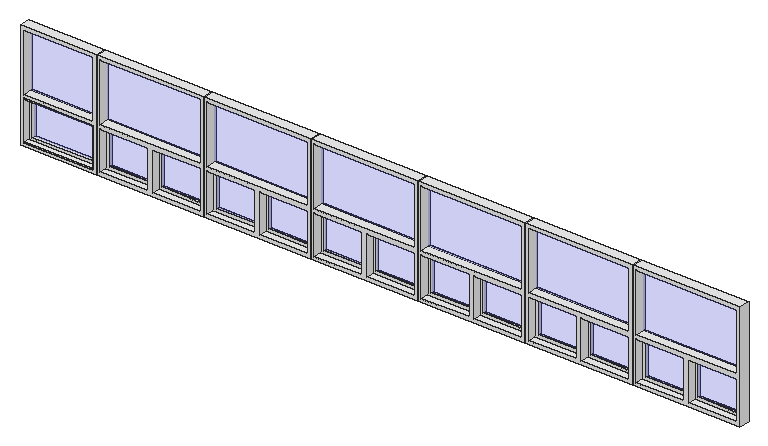
Revit family
Parameters
  창 두께 = 150 mm
  창 패널 = AW19 창 패널
  창 프레임 = AW19 창 프레임
  길이 1 = (Width - 1065 mm) / 6  # 1500 mm
  Height = 1500 mm
  절반 창 두께 = 창 두께 / 2  # 75 mm
  기본 씰 높이 = 900 mm
  Wall Closure = (empty or 0)
  Width = 10065 mm
Reference planes
  plane 1: y = 0
  plane 2 "중심(왼쪽/오른쪽)": x = 0
  plane 3 "왼쪽": x = -5032.5
  plane 4 "오른쪽": x = 5032.5
  plane 5 "씰": z = 900
  plane 6 "헤드": z = 2400
  plane 7 "외부": y = 100
  plane 8 "내부": y = -100
  plane 9: y = 75
  plane 10: y = -75
  plane 11: y = 35
  plane 12: x = -4987.5
  plane 13: x = 4987.5
  plane 14: x = -4977.5
  plane 15: x = 4977.5
  plane 16: z = 1500
  plane 17: z = 1490
  plane 18: z = 1545
  plane 19: y = 55
  plane 20: y = 66
  plane 21: y = 44
  plane 22: y = -11
  plane 23: y = 11
  plane 24: x = 3532.5
  plane 25: x = 3500
  plane 26: x = 3565
  plane 27: x = 3510
  plane 28: x = 3555
  plane 29: x = 4282.5
  plane 30: x = 4250
  plane 31: x = 4315
  plane 32: x = 4260
  plane 33: x = 4305
  plane 34: x = 4657.5
  plane 35: x = 3907.5
  plane 36: x = 2032.5
  plane 37: x = 2782.5
  plane 38: x = 2000
  plane 39: x = 2065
  plane 40: x = 2010
  plane 41: x = 2055
  plane 42: x = 2750
  plane 43: x = 2815
  plane 44: x = 2760
  plane 45: x = 2805
  plane 46: x = 3157.5
  plane 47: x = 2407.5
  plane 48: x = -3967.5
  plane 49: x = -2467.5
  plane 50: x = -967.5
  plane 51: x = 532.5
  plane 52: x = -3217.5
  plane 53: x = -1717.5
  plane 54: x = -217.5
  plane 55: x = 1282.5
  plane 56: x = -4000
  plane 57: x = -3935
  plane 58: x = -3990
  plane 59: x = -3945
  plane 60: x = -3250
  plane 61: x = -3185
  plane 62: x = -3240
  plane 63: x = -3195
  plane 64: x = -2500
  plane 65: x = -2435
  plane 66: x = -2490
  plane 67: x = -2445
  plane 68: x = -1685
  plane 69: x = -1750
  plane 70: x = -1740
  plane 71: x = -1695
  plane 72: x = -1000
  plane 73: x = -935
  plane 74: x = -990
  plane 75: x = -945
  plane 76: x = -250
  plane 77: x = -185
  plane 78: x = -240
  plane 79: x = -195
  plane 80: x = 500
  plane 81: x = 565
  plane 82: x = 510
  plane 83: x = 555
  plane 84: x = 1250
  plane 85: x = 1315
  plane 86: x = 1260
  plane 87: x = 1305
  plane 88: x = 1657.5
  plane 89: x = 907.5
  plane 90: x = 157.5
  plane 91: x = -592.5
  plane 92: x = -1342.5
  plane 93: x = -2092.5
  plane 94: x = -2842.5
  plane 95: x = -3592.5
  plane 96: x = -4500
Lines and regions (mm)
  symbolic lines, style "입면도 스윙"
    curve 1: line (22.5, 75, 945) -> (-32.5, 75, 945)
  symbolic lines
    curve 2: line (-5032.5, 100, 0) -> (-5032.5, -100, 0)
    curve 3: line (5032.5, 100, 0) -> (5032.5, -100, 0)
    curve 4: line (-5032.5, 75, 0) -> (5032.5, 75, 0)
    curve 5: line (-5032.5, -75, 0) -> (5032.5, -75, 0)
    curve 6: line (-5032.5, 0, 0) -> (-4012.5, 0, 0)
    curve 7: line (-4012.5, 75, 0) -> (-4012.5, -75, 0)
    curve 8: line (-3922.5, 75, 0) -> (-3922.5, -75, 0)
    curve 9: line (-3922.5, 0, 0) -> (-2512.5, 0, 0)
    curve 10: line (-2512.5, 75, 0) -> (-2512.5, -75, 0)
    curve 11: line (-2422.5, 75, 0) -> (-2422.5, -75, 0)
    curve 12: line (-2422.5, 0, 0) -> (-1012.5, 0, 0)
    curve 13: line (-1012.5, 75, 0) -> (-1012.5, -75, 0)
    curve 14: line (-922.5, 75, 0) -> (-922.5, -75, 0)
    curve 15: line (-922.5, 0, 0) -> (487.5, 0, 0)
    curve 16: line (487.5, 75, 0) -> (487.5, -75, 0)
    curve 17: line (577.5, 75, 0) -> (577.5, -75, 0)
    curve 18: line (577.5, 0, 0) -> (1987.5, 0, 0)
    curve 19: line (1987.5, 75, 0) -> (1987.5, -75, 0)
    curve 20: line (2077.5, 75, 0) -> (2077.5, -75, 0)
    curve 21: line (2077.5, 0, 0) -> (3487.5, 0, 0)
    curve 22: line (3487.5, 75, 0) -> (3487.5, -75, 0)
    curve 23: line (3577.5, 75, 0) -> (3577.5, -75, 0)
    curve 24: line (3577.5, 0, 0) -> (5032.5, 0, 0)
Text (mm)
  text "외부" at (-1963.203, 1332.353, 0), in view "참조 레벨"
  text "내부" at (-1981.466, -818.386, 0), in view "참조 레벨"
  text "외부" at (0, 923.751, 2943.296), in view "오른쪽"
  text "외부" at (0, 1040.484, 2685.409), in view "왼쪽"
Dimensions and locks
  equal spacing: plane 3 "왼쪽", plane 2 "중심(왼쪽/오른쪽)", plane 4 "오른쪽"
  "Width": plane 3 "왼쪽" to plane 4 "오른쪽"
  "Height": plane 5 "씰" to plane 6 "헤드"
  "기본 씰 높이": plane 5 "씰" to level
  locked: plane 7 "외부" to host wall at 0
  locked: plane 8 "내부" to host wall
  plane 17 to plane 16 to plane 18 = 10 mm locked, 45 mm locked
  plane 9 to plane 19 to plane 11 = 20 mm locked, 20 mm locked
  plane 20 to plane 19 to plane 21 = 11 mm locked, 11 mm locked
  plane 23 to host wall to plane 22 = 11 mm locked, 11 mm locked
  plane 3 "왼쪽" to plane 12 to plane 14 = 45 mm locked, 10 mm locked
  plane 15 to plane 13 to plane 4 "오른쪽" = 10 mm locked, 45 mm locked
  locked: plane 5 "씰" to plane 16 at 600
  plane 25 to plane 27 to plane 24 to plane 28 to plane 26 = 10 mm locked, 22.5 mm locked, 22.5 mm locked, 10 mm locked
  equal spacing: plane 24, plane 29, plane 4 "오른쪽"
  plane 30 to plane 32 to plane 29 to plane 33 to plane 31 = 10 mm locked, 22.5 mm locked, 22.5 mm locked, 10 mm locked
  equal spacing: plane 29, plane 34, plane 4 "오른쪽"
  equal spacing: plane 29, plane 35, plane 24
  plane 38 to plane 40 to plane 36 to plane 41 to plane 39 = 10 mm locked, 22.5 mm locked, 22.5 mm locked, 10 mm locked
  plane 42 to plane 44 to plane 37 to plane 45 to plane 43 = 10 mm locked, 22.5 mm locked, 22.5 mm locked, 10 mm locked
  equal spacing: plane 37, plane 46, plane 24
  equal spacing: plane 36, plane 47, plane 37
  equal spacing: plane 36, plane 37, plane 24
  equal spacing: plane 48, plane 52, plane 49
  equal spacing: plane 49, plane 53, plane 50
  equal spacing: plane 50, plane 54, plane 51
  equal spacing: plane 51, plane 55, plane 36
  plane 56 to plane 58 to plane 48 to plane 59 to plane 57 = 10 mm locked, 22.5 mm locked, 22.5 mm locked, 10 mm locked
  plane 60 to plane 62 to plane 52 to plane 63 to plane 61 = 10 mm locked, 22.5 mm locked, 22.5 mm locked, 10 mm locked
  plane 64 to plane 66 to plane 49 to plane 67 to plane 65 = 10 mm locked, 22.5 mm locked, 22.5 mm locked, 10 mm locked
  plane 69 to plane 70 to plane 53 to plane 71 to plane 68 = 10 mm locked, 22.5 mm locked, 22.5 mm locked, 10 mm locked
  plane 72 to plane 74 to plane 50 to plane 75 to plane 73 = 10 mm locked, 22.5 mm locked, 22.5 mm locked, 10 mm locked
  plane 76 to plane 78 to plane 54 to plane 79 to plane 77 = 10 mm locked, 22.5 mm locked, 22.5 mm locked, 10 mm locked
  plane 80 to plane 82 to plane 51 to plane 83 to plane 81 = 10 mm locked, 22.5 mm locked, 22.5 mm locked, 10 mm locked
  plane 84 to plane 86 to plane 55 to plane 87 to plane 85 = 10 mm locked, 22.5 mm locked, 22.5 mm locked, 10 mm locked
  equal spacing: plane 55, plane 88, plane 36
  equal spacing: plane 51, plane 89, plane 55
  equal spacing: plane 54, plane 90, plane 51
  equal spacing: plane 50, plane 91, plane 54
  equal spacing: plane 53, plane 92, plane 50
  equal spacing: plane 49, plane 93, plane 53
  equal spacing: plane 52, plane 94, plane 49
  equal spacing: plane 48, plane 95, plane 52
  locked: plane 24 to plane 4 "오른쪽" at 1500
  locked: plane 36 to plane 24 at 1500
  locked: plane 51 to plane 36 at 1500
  locked: plane 50 to plane 51 at 1500
  locked: plane 49 to plane 50 at 1500
  locked: plane 48 to plane 49 at 1500
  equal spacing: plane 3 "왼쪽", plane 96, plane 48
  "절반 창 두께": plane 9 to host wall
  "절반 창 두께": host wall to plane 10
  aligned and locked: plane 4 "오른쪽" to nested 1
  aligned and locked: plane 5 "씰" to nested 1
  aligned and locked: nested 2 to plane 5 "씰"
  aligned and locked: nested 1 to nested 2
  aligned and locked: nested 3 to plane 5 "씰"
  aligned and locked: nested 2 to nested 3
  aligned and locked: nested 4 to plane 5 "씰"
  aligned and locked: nested 3 to nested 4
  aligned and locked: nested 5 to plane 5 "씰"
  aligned and locked: nested 4 to nested 5
  aligned and locked: nested 6 to plane 5 "씰"
  aligned and locked: nested 5 to nested 6
  aligned and locked: nested 7 to plane 5 "씰"
  aligned and locked: plane 3 "왼쪽" to nested 7
  aligned and locked: curve 2 to plane 8 "내부"
  aligned and locked: curve 2 to plane 7 "외부"
  aligned and locked: curve 2 to nested 7
  aligned and locked: plane 8 "내부" to curve 3
  aligned and locked: plane 7 "외부" to curve 3
  aligned and locked: nested 7 to curve 4
  aligned and locked: nested 1 to curve 5
  aligned and locked: nested 7 to curve 6
  aligned and locked: host wall to curve 6
  aligned and locked: plane 9 to curve 7
  aligned and locked: plane 10 to curve 7
  aligned and locked: nested 7 to curve 7
  aligned and locked: plane 9 to curve 8
  aligned and locked: plane 10 to curve 8
  aligned and locked: nested 6 to curve 8
  aligned and locked: curve 8 to curve 9
  aligned and locked: nested 6 to curve 9
  aligned and locked: host wall to curve 9
  aligned and locked: nested 6 to curve 10
  aligned and locked: nested 5 to curve 11
  aligned and locked: curve 11 to curve 12
  aligned and locked: nested 5 to curve 12
  aligned and locked: host wall to curve 12
  aligned and locked: nested 5 to curve 13
  aligned and locked: nested 4 to curve 14
  aligned and locked: curve 14 to curve 15
  aligned and locked: nested 4 to curve 15
  aligned and locked: host wall to curve 15
  aligned and locked: nested 4 to curve 16
  aligned and locked: nested 3 to curve 17
  aligned and locked: curve 17 to curve 18
  aligned and locked: nested 3 to curve 18
  aligned and locked: host wall to curve 18
  aligned and locked: nested 3 to curve 19
  aligned and locked: nested 2 to curve 20
  aligned and locked: curve 20 to curve 21
  aligned and locked: nested 2 to curve 21
  aligned and locked: host wall to curve 21
  aligned and locked: nested 2 to curve 22
  aligned and locked: nested 1 to curve 23
  aligned and locked: curve 23 to curve 24
  aligned and locked: nested 1 to curve 24
  aligned and locked: host wall to curve 24
Automatic sketch dimensions
  plane 2 "중심(왼쪽/오른쪽)" to curve 1 = 22.5 mm
  curve 1 to plane 2 "중심(왼쪽/오른쪽)" = 32.5 mm
  curve 1 to plane 5 "씰" = 45 mm
Nested families
  nested 1: "AW9 2" at (4282.5, 0, 0) x (-1, 0, 0) z (0, 0, 1), type "AW9"
  nested 2: "AW9 2" at (2782.5, 0, 0) x (-1, 0, 0) z (0, 0, 1), type "AW9"
  nested 3: "AW9 2" at (1282.5, 0, 0) x (-1, 0, 0) z (0, 0, 1), type "AW9"
  nested 4: "AW9 2" at (-217.5, 0, 0) x (-1, 0, 0) z (0, 0, 1), type "AW9"
  nested 5: "AW9 2" at (-1717.5, 0, 0) x (-1, 0, 0) z (0, 0, 1), type "AW9"
  nested 6: "AW9 2" at (-3217.5, 0, 0) x (-1, 0, 0) z (0, 0, 1), type "AW9"
  nested 7: "창 단위" at (-4500, 0, 0) x (-1, 0, 0) z (0, 0, 1), type "AW9_11"
    with Width 1065 mm
Definition of nested family "AW9 2"
  Parameters (values of type "AW9-1")
    창 두께 = 100 mm
    창 패널 = AW9 창 패널
    창 프레임 = AW9 창 프레임
    Height = 1500 mm
    절반 창 두께 = 창 두께 / 2  # 50 mm
    기본 씰 높이 = 900 mm
    Wall Closure = (empty or 0)
    Width = 1500 mm
    Assembly Code = ""
  Types (2, lengths in mm): name | 창 두께 | 창 패널 | 창 프레임 | 절반 창 두께
    AW9 | 150 | AW19 창 패널 | AW19 창 프레임 | 75
    AW9-1 | 100 | AW9 창 패널 | AW9 창 프레임 | 50
  Reference planes
    plane 1: y = 0
    plane 2 "중심(왼쪽/오른쪽)": x = 0
    plane 3 "왼쪽": x = -750
    plane 4 "오른쪽": x = 750
    plane 5 "씰": z = 900
    plane 6 "헤드": z = 2400
    plane 7 "외부": y = 100
    plane 8 "내부": y = -100
    plane 9: y = 50
    plane 10: y = -50
    plane 11: y = 10
    plane 12: x = -705
    plane 13: x = 705
    plane 14: x = -695
    plane 15: x = 695
    plane 16: z = 1500
    plane 17: z = 1490
    plane 18: z = 1545
    plane 19: y = 30
    plane 20: y = 41
    plane 21: y = 19
    plane 22: y = -11
    plane 23: y = 11
    plane 24: x = -22.5
    plane 25: x = 22.5
    plane 26: x = -32.5
    plane 27: x = 32.5
    plane 28: z = 2355
    plane 29: z = 945
    plane 30: x = 655
    plane 31: z = 1450
    plane 32: x = -655
    plane 33: z = 985
    plane 34: x = 72.5
    plane 35: x = -72.5
    plane 36: x = 368.75
    plane 37: x = -368.75
  Forms (mm)
    Extrusion 1, solid, material "AW9 창 프레임" <- "창 프레임"
      sketch origin (-2000, 50, 1000) x (-1, 0, 0) y (0, 0, 1)
        loop
          line (-2750, 1400) -> (-2750, -100) -> (-1250, -100) -> (-1250, 1400) -> (-2750, 1400)
        loop
          line (-2705, 1355) -> (-2705, 545) -> (-1295, 545) -> (-1295, 1355) -> (-2705, 1355)
        loop
          line (-2705, -55) -> (-2032.5, -55) -> (-2032.5, 490) -> (-2705, 490) -> (-2705, -55)
        loop
          line (-1295, -55) -> (-1295, 490) -> (-1967.5, 490) -> (-1967.5, -55) -> (-1295, -55)
      from -100 to 0
    Extrusion 2, solid, material "AW9 창 프레임" <- "창 프레임"
      sketch origin (-2000, 50, 1000) x (-1, 0, 0) y (0, 0, 1)
        loop
          line (-2705, 490) -> (-2705, -55) -> (-2032.5, -55) -> (-2032.5, 490) -> (-2705, 490)
        loop
          line (-1967.5, 490) -> (-1967.5, -55) -> (-1295, -55) -> (-1295, 490) -> (-1967.5, 490)
        loop
          line (-2655, 450) -> (-2655, -15) -> (-2072.5, -15) -> (-2072.5, 450) -> (-2655, 450)
        loop
          line (-1927.5, 450) -> (-1927.5, -15) -> (-1345, -15) -> (-1345, 450) -> (-1927.5, 450)
      from -40 to 0
    Extrusion 3, solid, material "AW9 창 패널" <- "창 패널"
      sketch origin (-2000, 50, 1000) x (-1, 0, 0) y (0, 0, 1)
        loop
          line (-2705, 1355) -> (-2705, 545) -> (-1295, 545) -> (-1295, 1355) -> (-2705, 1355)
        loop
          line (-2655, 450) -> (-2655, -15) -> (-2072.5, -15) -> (-2072.5, 450) -> (-2655, 450)
        loop
          line (-1927.5, 450) -> (-1927.5, -15) -> (-1345, -15) -> (-1345, 450) -> (-1927.5, 450)
      from -31 to -9
  Lines and regions (mm)
    Opening 1
      outline origin (3500, -100, 0) x (1, 0, 0) y (0, 0, 1)
        loop
          line (-2750, 900) -> (-2750, 2400) -> (-4250, 2400) -> (-4250, 900) -> (-2750, 900)
    symbolic lines, style "입면도 스윙"
      curve 1: line (368.75, 50, 1490) -> (705, 50, 945)
      curve 2: line (368.75, 50, 1490) -> (32.5, 50, 945)
      curve 3: line (-32.5, 50, 945) -> (-368.75, 50, 1490)
      curve 4: line (-368.75, 50, 1490) -> (-705, 50, 945)
  Text (mm)
    text "외부" at (-1963.203, 1332.353, 0), in view "참조 레벨"
    text "내부" at (-1981.466, -818.386, 0), in view "참조 레벨"
    text "외부" at (0, 923.751, 2943.296), in view "오른쪽"
    text "외부" at (0, 1040.484, 2685.409), in view "왼쪽"
  Dimensions and locks
    equal spacing: plane 3 "왼쪽", plane 2 "중심(왼쪽/오른쪽)", plane 4 "오른쪽"
    "Width": plane 3 "왼쪽" to plane 4 "오른쪽"
    "Height": plane 5 "씰" to plane 6 "헤드"
    locked: plane 7 "외부" to host wall at 0
    locked: plane 8 "내부" to host wall
    plane 17 to plane 16 to plane 18 = 10 mm locked, 45 mm locked
    plane 9 to plane 19 to plane 11 = 20 mm locked, 20 mm locked
    plane 20 to plane 19 to plane 21 = 11 mm locked, 11 mm locked
    plane 23 to host wall to plane 22 = 11 mm locked, 11 mm locked
    plane 3 "왼쪽" to plane 12 to plane 14 = 45 mm locked, 10 mm locked
    plane 15 to plane 13 to plane 4 "오른쪽" = 10 mm locked, 45 mm locked
    plane 24 to plane 2 "중심(왼쪽/오른쪽)" to plane 25 = 22.5 mm locked, 22.5 mm locked
    locked: plane 26 to plane 24 at 10
    locked: plane 25 to plane 27 at 10
    locked: plane 5 "씰" to plane 16 at 600
    "절반 창 두께": plane 9 to plane 1
    "절반 창 두께": plane 10 to plane 1
    "기본 씰 높이": level to plane 5 "씰"
    locked: plane 28 to plane 6 "헤드" at 45
    locked: plane 5 "씰" to plane 29 at 45
    locked: plane 30 to plane 15 at 40
    locked: plane 31 to plane 17 at 40
    locked: plane 14 to plane 32 at 40
    locked: plane 29 to plane 33 at 40
    locked: plane 34 to plane 27 at 40
    locked: plane 26 to plane 35 at 40
    equal spacing: plane 27, plane 36, plane 13
    equal spacing: plane 26, plane 37, plane 12
    aligned and locked: plane 6 "헤드" to Extrusion 1 sketch curve
    aligned and locked: plane 4 "오른쪽" to Extrusion 1 sketch curve
    aligned and locked: Extrusion 1 sketch curve to plane 5 "씰"
    aligned and locked: Extrusion 1 sketch curve to plane 3 "왼쪽"
    aligned and locked: Extrusion 1 sketch curve to plane 28
    aligned and locked: plane 13 to Extrusion 1 sketch curve  (x2)
    aligned and locked: plane 29 to Extrusion 1 sketch curve  (x2)
    aligned and locked: Extrusion 1 sketch curve to plane 12
    aligned and locked: plane 18 to Extrusion 1 sketch curve
    aligned and locked: plane 12 to Extrusion 1 sketch curve
    aligned and locked: plane 17 to Extrusion 1 sketch curve  (x2)
    aligned and locked: plane 27 to Extrusion 1 sketch curve
    aligned and locked: plane 26 to Extrusion 1 sketch curve
    aligned and locked: Extrusion 1 to plane 10
    aligned and locked: plane 9 to Extrusion 1
    aligned and locked: plane 17 to Extrusion 2 sketch curve  (x2)
    aligned and locked: plane 13 to Extrusion 2 sketch curve
    aligned and locked: plane 29 to Extrusion 2 sketch curve  (x2)
    aligned and locked: plane 27 to Extrusion 2 sketch curve
    aligned and locked: Extrusion 2 sketch curve to plane 31  (x2)
    aligned and locked: plane 30 to Extrusion 2 sketch curve
    aligned and locked: plane 33 to Extrusion 2 sketch curve  (x2)
    aligned and locked: Extrusion 2 sketch curve to plane 34
    aligned and locked: Extrusion 2 sketch curve to plane 26
    aligned and locked: Extrusion 2 sketch curve to plane 12
    aligned and locked: plane 35 to Extrusion 2 sketch curve
    aligned and locked: Extrusion 2 sketch curve to plane 32
    aligned and locked: Extrusion 2 to plane 9
    aligned and locked: Extrusion 2 to plane 11
    aligned and locked: Extrusion 3 sketch curve to plane 28
    aligned and locked: plane 13 to Extrusion 3 sketch curve
    aligned and locked: Extrusion 3 sketch curve to plane 18
    aligned and locked: Extrusion 3 sketch curve to plane 12
    aligned and locked: Extrusion 3 sketch curve to plane 31  (x2)
    aligned and locked: plane 30 to Extrusion 3 sketch curve
    aligned and locked: plane 33 to Extrusion 3 sketch curve  (x2)
    aligned and locked: Extrusion 3 sketch curve to plane 34
    aligned and locked: plane 35 to Extrusion 3 sketch curve
    aligned and locked: Extrusion 3 sketch curve to plane 32
    aligned and locked: Extrusion 3 to plane 21
    aligned and locked: plane 20 to Extrusion 3
    aligned and locked: plane 36 to curve 1
    aligned and locked: plane 29 to curve 1
    aligned and locked: plane 13 to curve 1
    aligned and locked: plane 17 to curve 2
    aligned and locked: plane 27 to curve 2
    aligned and locked: plane 29 to curve 2
    aligned and locked: plane 17 to curve 3
    aligned and locked: plane 37 to curve 3
    aligned and locked: plane 29 to curve 3
    aligned and locked: plane 26 to curve 3
    aligned and locked: plane 29 to curve 4
    aligned and locked: plane 12 to curve 4
  Automatic sketch dimensions
    Opening 1 sketch curve to plane 3 "왼쪽" = 0 mm
    Opening 1 sketch curve to plane 4 "오른쪽" = 0 mm
    Opening 1 sketch curve to plane 5 "씰" = 0 mm
    Opening 1 sketch curve to plane 6 "헤드" = 0 mm
    Extrusion 1 sketch curve to plane 17 = 0 mm
    Extrusion 1 sketch curve to plane 29 = 0 mm
Definition of nested family "창 단위"
  Parameters (values of type "AW9-1")
    창 두께 = 150 mm
    창 패널 = AW19 창 패널
    창 프레임 = AW19 창 프레임
    Height = 1500 mm
    절반 창 두께 = 창 두께 / 2  # 75 mm
    기본 씰 높이 = 900 mm
    Wall Closure = (empty or 0)
    Width = 915 mm
    Assembly Code = ""
  Types (2, lengths in mm): name | 창 패널 | 창 프레임 | 기본 씰 높이 | Width
    AW9 | AW9 창 패널 | AW9 창 프레임 | 1200 | 1500
    AW9-1 | AW19 창 패널 | AW19 창 프레임 | 900 | 915
  Reference planes
    plane 1: y = 0
    plane 2 "중심(왼쪽/오른쪽)": x = 0
    plane 3 "왼쪽": x = -457.5
    plane 4 "오른쪽": x = 457.5
    plane 5 "씰": z = 900
    plane 6 "헤드": z = 2400
    plane 7 "외부": y = 100
    plane 8 "내부": y = -100
    plane 9: y = 75
    plane 10: y = -75
    plane 11: y = 35
    plane 12: x = -412.5
    plane 13: x = 412.5
    plane 14: x = -402.5
    plane 15: x = 402.5
    plane 16: z = 1500
    plane 17: z = 1490
    plane 18: z = 1545
    plane 19: y = 55
    plane 20: y = 66
    plane 21: y = 44
    plane 22: y = -11
    plane 23: y = 11
    plane 24: x = -22.5
    plane 25: x = 22.5
    plane 26: x = -32.5
    plane 27: x = 32.5
    plane 28: z = 2355
    plane 29: z = 945
    plane 30: x = 362.5
    plane 31: z = 1450
    plane 32: x = -362.5
    plane 33: z = 985
    plane 34: x = 72.5
    plane 35: x = -72.5
    plane 36: x = 222.5
    plane 37: x = -222.5
    plane 38: z = 955
  Forms (mm)
    Extrusion 1, solid, material "AW19 창 프레임" <- "창 프레임"
      sketch origin (-2000, 75, 1000) x (-1, 0, 0) y (0, 0, 1)
        loop
          line (-2457.5, 1400) -> (-2457.5, -100) -> (-1542.5, -100) -> (-1542.5, 1400) -> (-2457.5, 1400)
        loop
          line (-2412.5, 1355) -> (-2412.5, 545) -> (-1587.5, 545) -> (-1587.5, 1355) -> (-2412.5, 1355)
        loop
          line (-2412.5, -55) -> (-1587.5, -55) -> (-1587.5, 500) -> (-2412.5, 500) -> (-2412.5, -55)
      from -150 to 0
    Extrusion 2, solid, material "AW19 창 패널" <- "창 패널"
      sketch origin (-2000, 75, 1000) x (-1, 0, 0) y (0, 0, 1)
        loop
          line (-2412.5, 1355) -> (-2412.5, 545) -> (-1587.5, 545) -> (-1587.5, 1355) -> (-2412.5, 1355)
        loop
          line (-2412.5, 500) -> (-2412.5, -55) -> (-1587.5, -55) -> (-1587.5, 500) -> (-2412.5, 500)
      from -31 to -9
    Extrusion 3, solid, material "AW19 창 프레임" <- "창 프레임"
      sketch origin (-2000, 75, 1000) x (-1, 0, 0) y (0, 0, 1)
        loop
          line (-2362.5, 450) -> (-2362.5, -15) -> (-1637.5, -15) -> (-1637.5, 450) -> (-2362.5, 450)
        loop
          line (-2412.5, 500) -> (-2412.5, -55) -> (-1587.5, -55) -> (-1587.5, 500) -> (-2412.5, 500)
      from -64 to 0
    Extrusion 4, solid, material "AW19 창 프레임" <- "창 프레임"
      sketch origin (-2000, 75, 1000) x (-1, 0, 0) y (0, 0, 1)
        loop
          line (-2412.5, 500) -> (-2412.5, -55) -> (-1587.5, -55) -> (-1587.5, 500) -> (-2412.5, 500)
        loop
          line (-2402.5, 490) -> (-2402.5, -45) -> (-1597.5, -45) -> (-1597.5, 490) -> (-2402.5, 490)
      from -64 to -150
  Lines and regions (mm)
    Opening 1
      outline origin (3500, -100, 0) x (1, 0, 0) y (0, 0, 1)
        loop
          line (-3042.5, 900) -> (-3042.5, 2400) -> (-3957.5, 2400) -> (-3957.5, 900) -> (-3042.5, 900)
    symbolic lines, style "입면도 스윙"
      curve 1: line (412.5, 75, 945) -> (0, 75, 1500)
      curve 2: line (0, 75, 1500) -> (-412.5, 75, 945)
  Text (mm)
    text "외부" at (-1963.203, 1332.353, 0), in view "참조 레벨"
    text "내부" at (-1981.466, -818.386, 0), in view "참조 레벨"
    text "외부" at (0, 923.751, 2943.296), in view "오른쪽"
    text "외부" at (0, 1040.484, 2685.409), in view "왼쪽"
  Dimensions and locks
    equal spacing: plane 3 "왼쪽", plane 2 "중심(왼쪽/오른쪽)", plane 4 "오른쪽"
    "Width": plane 3 "왼쪽" to plane 4 "오른쪽"
    "Height": plane 5 "씰" to plane 6 "헤드"
    locked: plane 7 "외부" to host wall at 0
    locked: plane 8 "내부" to host wall
    plane 17 to plane 16 to plane 18 = 10 mm locked, 45 mm locked
    plane 9 to plane 19 to plane 11 = 20 mm locked, 20 mm locked
    plane 20 to plane 19 to plane 21 = 11 mm locked, 11 mm locked
    plane 23 to host wall to plane 22 = 11 mm locked, 11 mm locked
    plane 3 "왼쪽" to plane 12 to plane 14 = 45 mm locked, 10 mm locked
    plane 15 to plane 13 to plane 4 "오른쪽" = 10 mm locked, 45 mm locked
    plane 24 to plane 2 "중심(왼쪽/오른쪽)" to plane 25 = 22.5 mm locked, 22.5 mm locked
    locked: plane 26 to plane 24 at 10
    locked: plane 25 to plane 27 at 10
    locked: plane 5 "씰" to plane 16 at 600
    "절반 창 두께": plane 9 to plane 1
    "절반 창 두께": plane 10 to plane 1
    "기본 씰 높이": level to plane 5 "씰"
    locked: plane 28 to plane 6 "헤드" at 45
    locked: plane 5 "씰" to plane 29 at 45
    locked: plane 30 to plane 15 at 40
    locked: plane 31 to plane 17 at 40
    locked: plane 14 to plane 32 at 40
    locked: plane 29 to plane 33 at 40
    locked: plane 34 to plane 27 at 40
    locked: plane 26 to plane 35 at 40
    equal spacing: plane 27, plane 36, plane 13
    equal spacing: plane 26, plane 37, plane 12
    locked: plane 29 to plane 38 at 10
    aligned and locked: plane 6 "헤드" to Extrusion 1 sketch curve
    aligned and locked: plane 4 "오른쪽" to Extrusion 1 sketch curve
    aligned and locked: Extrusion 1 sketch curve to plane 5 "씰"
    aligned and locked: Extrusion 1 sketch curve to plane 3 "왼쪽"
    aligned and locked: Extrusion 1 sketch curve to plane 28
    aligned and locked: Extrusion 1 sketch curve to plane 12
    aligned and locked: plane 13 to Extrusion 1 sketch curve  (x3)
    aligned and locked: plane 18 to Extrusion 1 sketch curve
    aligned and locked: Extrusion 1 to plane 10
    aligned and locked: plane 9 to Extrusion 1
    aligned and locked: plane 12 to Extrusion 1 sketch curve  (x2)
    aligned and locked: Extrusion 1 sketch curve to plane 29
    aligned and locked: plane 13 to Extrusion 2 sketch curve  (x2)
    aligned and locked: Extrusion 2 sketch curve to plane 28
    aligned and locked: Extrusion 2 sketch curve to plane 12  (x2)
    aligned and locked: Extrusion 2 sketch curve to plane 18
    aligned and locked: plane 29 to Extrusion 2 sketch curve
    aligned and locked: Extrusion 2 to plane 21
    aligned and locked: plane 20 to Extrusion 2
    aligned and locked: plane 33 to Extrusion 3 sketch curve
    aligned and locked: Extrusion 3 sketch curve to plane 32
    aligned and locked: Extrusion 3 sketch curve to plane 31
    aligned and locked: plane 30 to Extrusion 3 sketch curve
    aligned and locked: plane 16 to Extrusion 3 sketch curve
    aligned and locked: plane 13 to Extrusion 3 sketch curve
    aligned and locked: plane 29 to Extrusion 3 sketch curve
    aligned and locked: Extrusion 3 sketch curve to plane 12
    aligned and locked: plane 16 to Extrusion 1 sketch curve
    aligned and locked: plane 16 to Extrusion 2 sketch curve
    aligned and locked: Extrusion 3 to plane 23
    aligned and locked: plane 9 to Extrusion 3
    aligned and locked: plane 16 to Extrusion 4 sketch curve
    aligned and locked: plane 13 to Extrusion 4 sketch curve
    aligned and locked: plane 29 to Extrusion 4 sketch curve
    aligned and locked: Extrusion 4 sketch curve to plane 12
    aligned and locked: Extrusion 4 sketch curve to plane 14
    aligned and locked: plane 17 to Extrusion 4 sketch curve
    aligned and locked: plane 15 to Extrusion 4 sketch curve
    aligned and locked: plane 38 to Extrusion 4 sketch curve
    aligned and locked: Extrusion 4 to plane 23
    aligned and locked: Extrusion 4 to plane 10
    aligned and locked: plane 29 to curve 1
    aligned and locked: plane 13 to curve 1
    aligned and locked: plane 12 to curve 2
    aligned and locked: plane 29 to curve 2
    aligned and locked: plane 2 "중심(왼쪽/오른쪽)" to curve 2
    aligned and locked: plane 16 to curve 2
  Automatic sketch dimensions
    Opening 1 sketch curve to plane 3 "왼쪽" = 0 mm
    Opening 1 sketch curve to plane 4 "오른쪽" = 0 mm
    Opening 1 sketch curve to plane 5 "씰" = 0 mm
    Opening 1 sketch curve to plane 6 "헤드" = 0 mm
